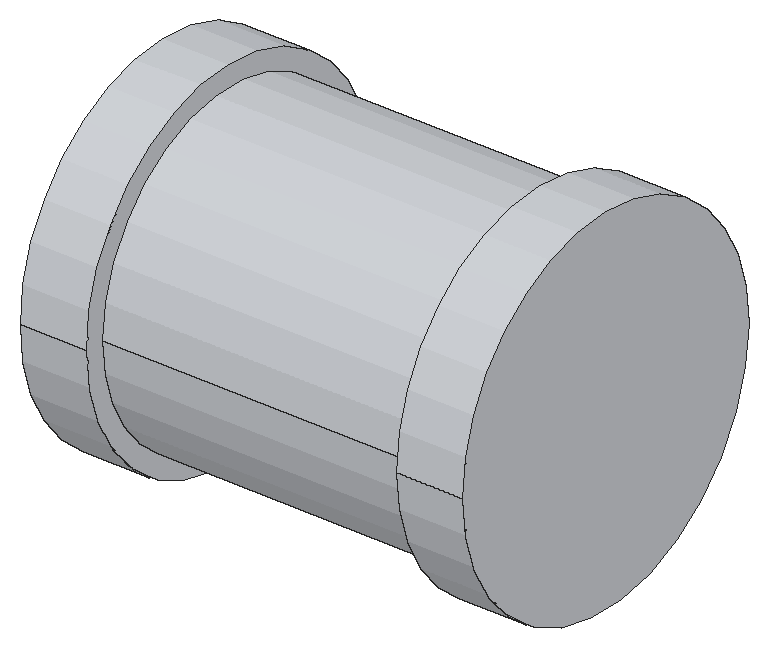
Revit family "Acoplamento - PVC - CW", category Conexões de tubo, Revit 2019
Family settings
  Cota do conector redondo = Usar raio
  Tipo de parte = União
  Com base no plano de trabalho = Não
  Sempre na vertical = Sim
  Corte com vazios quando carregada = Não
  Compartilhado = Não
Parameters (values of type "Padrão")
  Tamanho da marca de revisão [instance] = Diâmetro externo da conexão * 0.4  # 9.6 mm
  Model = ""
  Manufacturer = ""
  Nome da tabela de pesquisa = "BR_Coupling - PVC - CW"
  Raio externo da conexão [instance] = Diâmetro externo da conexão / 2  # 12 mm
  Diâmetro externo da conexão [instance] = size_lookup(Nome da tabela de pesquisa, "FOD", 1.0801 * Diâmetro nominal + 2.60 mm, Diâmetro nominal)  # 24 mm
  Comprimento [instance] = size_lookup(Nome da tabela de pesquisa, "Lgt", 1.0445 * Diâmetro nominal + 12.60 mm, Diâmetro nominal)  # 33.5 mm
  Raio nominal [instance] = 10 mm
  Diâmetro nominal [instance] = Raio nominal * 2  # 20 mm
  Método de perda = Coeficiente K da tabela
  Tabela de coeficiente K = "Redutor/Acoplamento/União/Redutor"
  Description = ""
  Largura do anel [instance] = size_lookup(Nome da tabela de pesquisa, "RWid", 0.134 * Diâmetro nominal + 2.40 mm, Diâmetro nominal)  # 5 mm
  Raio do anel [instance] = Diâmetro do anel / 2  # 13.5 mm
  Diâmetro do anel [instance] = size_lookup(Nome da tabela de pesquisa, "RDia", 1.1513 * Diâmetro nominal + 4.40 mm, Diâmetro nominal)  # 27 mm
Reference planes
  plane 1 "Centro (Frente/Trás)": y = 0
  plane 2: z = 0
  plane 3 "Centro (Esquerda/Direita)": x = 0
  plane 4: x = -11.75
  plane 5: x = 11.75
  plane 6: x = -16.75
  plane 7: x = 16.75
  plane 8: y = 9.6
  plane 9: y = -9.6
  plane 10: x = 0
  plane 11: x = 0
Forms (mm)
  Sweep 1, solid, detail levels fine
    path in 3D
      loop
        line (-16.75, 0, 0) -> (-11.75, 0, 0)
    profile origin (-14.25, 0, 0) x (0, 1, 0) y (0, 0, 1)
      loop
        circle (0, 0) r 13.5
  Sweep 2, solid, detail levels fine
    path in 3D
      loop
        line (11.75, 0, 0) -> (16.75, 0, 0)
    profile origin (14.25, 0, 0) x (0, 1, 0) y (0, 0, 1)
      loop
        circle (0, 0) r 13.5
  Sweep 3, solid, detail levels fine
    path in 3D
      loop
        line (-11.75, 0, 0) -> (11.75, 0, 0)
    profile origin (0, 0, 0) x (0, 1, 0) y (0, 0, 1)
      loop
        circle (0, 0) r 12
Cuts and joins
  joined: Sweep 1, Sweep 2, Sweep 3
Lines and regions (mm)
  model lines, detail levels coarse+medium
    curve 1: line (-16.75, 0, 0) -> (-11.75, 0, 0)
    curve 2: line (11.75, 0, 0) -> (16.75, 0, 0)
    curve 5: line (-16.75, 9.6, 0) -> (-16.75, -9.6, 0)
    curve 6: line (16.75, 9.6, 0) -> (16.75, -9.6, 0)
    curve 9: line (-11.75, 0, 0) -> (11.75, 0, 0)
  reference lines
    curve 3: line (-16.75, 0, 0) -> (-11.75, 0, 0)
    curve 4: line (11.75, 0, 0) -> (16.75, 0, 0)
  sketch lines
    curve 7: line (-16.75, 0, 0) -> (-11.75, 0, 0)
    curve 8: line (11.75, 0, 0) -> (16.75, 0, 0)
    curve 10: line (-11.75, 0, 0) -> (11.75, 0, 0)
Dimensions and locks
  "Largura do anel": plane 6 to plane 4
  "Largura do anel": plane 5 to plane 7
  "Tamanho da marca de revisão": plane 1 "Centro (Frente/Trás)" to plane 8
  equal spacing: plane 6, plane 3 "Centro (Esquerda/Direita)", plane 7
  "Comprimento": plane 6 to plane 7
  equal spacing: plane 9, plane 1 "Centro (Frente/Trás)", plane 8
  "Raio do anel": radius of Sweep 1 sketch curve
  "Raio do anel": radius of Sweep 2 sketch curve
  "Raio externo da conexão": radius of Sweep 3 sketch curve
  aligned and locked: plane 6 to curve 1
  aligned and locked: plane 1 "Centro (Frente/Trás)" to curve 1
  aligned and locked: plane 7 to curve 2
  aligned and locked: plane 1 "Centro (Frente/Trás)" to curve 2
  aligned and locked: plane 6 to curve 3
  aligned and locked: plane 1 "Centro (Frente/Trás)" to curve 3
  aligned and locked: plane 7 to curve 4
  aligned and locked: plane 1 "Centro (Frente/Trás)" to curve 4
  aligned and locked: plane 8 to curve 5
  aligned and locked: plane 9 to curve 5
  aligned and locked: curve 5 to plane 6
  aligned and locked: plane 8 to curve 6
  aligned and locked: plane 9 to curve 6
  aligned and locked: plane 7 to curve 6
  aligned and locked: plane 4 to curve 9
  aligned and locked: plane 1 "Centro (Frente/Trás)" to curve 9
  aligned and locked: plane 5 to curve 9
Automatic sketch dimensions
  Sweep 1 sketch curve to profile plane = 0.00 mm  (x2)
  Sweep 2 sketch curve to profile plane = 0.00 mm  (x2)
  Sweep 3 sketch curve to profile plane = 0.00 mm  (x2)
  curve 3 to plane 4 = 0.00 mm
  curve 4 to plane 5 = 0.00 mm
Connectors
  piping at (-16.75, 0, 0), diameter 20, driven by "Raio nominal"
    settings: on cut or joined group of Sweep 1, Sweep 2, Sweep 3, index 1, connector inside diameter 20 mm, connector length 0.00 mm, flow factor 0, pipe flow 0.0 L/s, pressure drop 0.0 Pa, fitting loss kfactor 0, connector angle 0.00°, fixture units 0, engagement length 0.00 mm, angle of deflection 0.00°, flow configuration 0, flow direction 0, fitting loss method 0, system type 28, joint type 0, gender type 0, connector reference index 2, connector utility 0, adjustable connector no, is connector primary yes, connector description ""
  piping at (16.75, 0, 0), diameter 20, driven by "Raio nominal"
    settings: on cut or joined group of Sweep 1, Sweep 2, Sweep 3, index 2, connector inside diameter 20 mm, connector length 0.00 mm, flow factor 0, pipe flow 0.0 L/s, pressure drop 0.0 Pa, fitting loss kfactor 0, connector angle 0.00°, fixture units 0, engagement length 0.00 mm, angle of deflection 0.00°, flow configuration 0, flow direction 0, fitting loss method 0, system type 28, joint type 0, gender type 0, connector reference index 1, connector utility 0, adjustable connector no, is connector primary no, connector description ""
